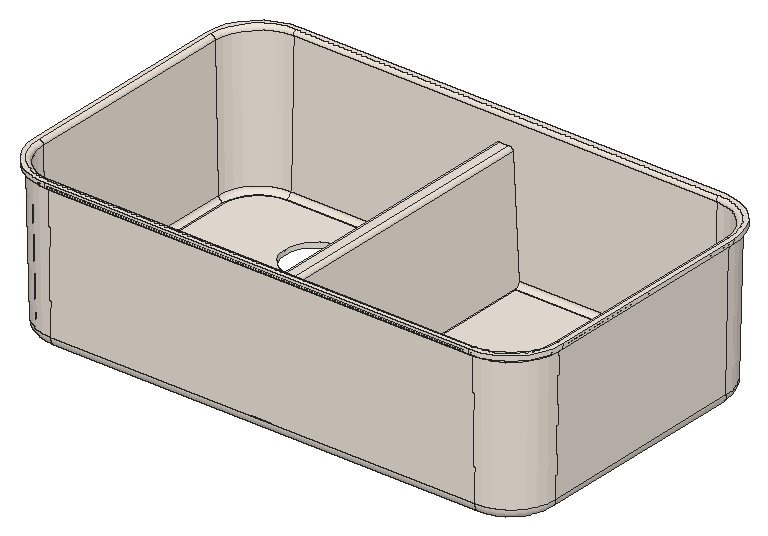
Revit family "Sink-Corian-Smooth-850", category Plumbing Fixtures, host Face, Revit 2014
Parameters (values of type "850")
  Width = 2' - 6 7/8"
  WFU = 0
  Version = "2014 - v1.0a"  # constant formula
  URL = "http://www.dupont.com/products-and-services/construction-materials/surface-design-materials.html"
  Sink Colors Available = "Bisque, Bone, Cameo White, Designer White, Glacier White, Vanilla"
  Product Page URL = "http://www.dupont.com/products-and-services/construction-materials/surface-design-materials/brands/corian-solid-surfaces/products/corian-sinks.html"
  Model = "850"
  Manufacturer = "DuPont"  # constant formula
  Length = 1' - 6 5/8"
  Interior Width = 2' - 4 7/8"
  Interior Length = 1' - 4 5/8"
  HWFU = 0
  Finish = Solid Surface Sink - DuPont - Bisque
  Description = "Kitchen Sink North American Specification"  # constant formula
  Depth = 0' - 8 7/8"
  Default Elevation = 4' - 0"
  Cost = 0
  CWFU = 0
Reference planes (in)
  plane 1 "Center (Front/Back)": y = 0
  plane 2: z = 0
  plane 3 "Center (Left/Right)": x = 0
  plane 4: y = 9.3125
  plane 5: y = -9.3125
  plane 6: x = -15.4375
  plane 7: x = 15.4375
  plane 8: z = -9.34744
  plane 9: x = -14.4375
  plane 10: x = 14.4375
  plane 11: y = 8.3125
  plane 12: y = -8.3125
  plane 13 "NAME": z = -0.47244
  plane 14: z = -3.97244
  plane 15: y = -8.78453
  plane 16: x = -1
  plane 17: x = 1
  plane 18: y = 4.65625
  plane 19: x = -7.71875
  plane 20: x = 7.71875
  plane 21: y = 4.65625
Forms (in)
  Extrusion 1, void
    sketch origin (0, 0, 0) x (1, 0, 0) y (0, 1, 0)
      loop
        arc (-12.375, 9.3125) -> (-14.54051, 8.41551) -> (-15.4375, 6.25) r 3.0625
        line (-15.4375, 6.25) -> (-15.4375, -6.19305)
        arc (-15.4375, -6.19305) -> (-14.52383, -8.39883) -> (-12.31805, -9.3125) r 3.11945
        line (-12.31805, -9.3125) -> (12.375, -9.3125)
        arc (12.375, -9.3125) -> (14.54051, -8.41551) -> (15.4375, -6.25) r 3.0625
        line (15.4375, -6.25) -> (15.4375, 6.21978)
        arc (15.4375, 6.21978) -> (14.53166, 8.40666) -> (12.34478, 9.3125) r 3.09272
        line (12.34478, 9.3125) -> (-12.375, 9.3125)
    from -9.34744 to 0
  Sweep 2, solid, material "Solid Surface Sink - DuPont - Bisque" <- "Finish"
    path origin (-12.67972, -180, -0.47244) x (-1, 0, 0) y (0, -1, 0)
      loop
        arc (-0.30472, -188.3125) -> (1.15369, -187.70841) -> (1.75778, -186.25) r 2.0625
        line (1.75778, -186.25) -> (1.75778, -173.6875)
        arc (1.75778, -173.6875) -> (1.172, -172.27329) -> (-0.24222, -171.6875) r 2
        line (-0.24222, -171.6875) -> (-25.05472, -171.6875)
        arc (-25.05472, -171.6875) -> (-26.51312, -172.29159) -> (-27.11722, -173.75) r 2.0625
        line (-27.11722, -173.75) -> (-27.11722, -186.25)
        arc (-27.11722, -186.25) -> (-26.51312, -187.70841) -> (-25.05472, -188.3125) r 2.0625
        line (-25.05472, -188.3125) -> (-0.30472, -188.3125)
    profile origin (0, 8.3125, -0.47244) x (0, 1, 0) y (0, 0, 1)
      loop
        arc (0.74057, 0) -> (0.56722, -0.06986) -> (0.49075, -0.24039) r 0.25
        line (0.49075, -0.24039) -> (0.309, -8.2946)
        arc (0.309, -8.2946) -> (0.2185, -8.5131) -> (0, -8.6036) r 0.309
        line (0, -8.6036) -> (0, -8.875)
        arc (0, -8.875) -> (0.39451, -8.7105) -> (0.55529, -8.31446) r 0.55532
        line (0.55529, -8.31446) -> (0.73193, -0.46976)
        arc (0.73193, -0.46976) -> (0.80184, -0.31386) -> (0.96031, -0.25) r 0.22855
        line (0.96031, -0.25) -> (1, -0.25) -> (1, 0) -> (0.74057, 0)
  Extrusion 3, solid, material "Solid Surface Sink - DuPont - Bisque" <- "Finish"
    sketch origin (-12.67972, -180, -0.47244) x (-1, 0, 0) y (0, -1, 0)
      loop
        arc (1.75778, -173.6875) -> (1.172, -172.27329) -> (-0.24222, -171.6875) r 2
        line (-0.24222, -171.6875) -> (-25.05472, -171.6875)
        arc (-25.05472, -171.6875) -> (-26.51312, -172.29159) -> (-27.11722, -173.75) r 2.0625
        line (-27.11722, -173.75) -> (-27.11722, -186.25)
        arc (-27.11722, -186.25) -> (-26.51312, -187.70841) -> (-25.05472, -188.3125) r 2.0625
        line (-25.05472, -188.3125) -> (-0.30472, -188.3125)
        arc (-0.30472, -188.3125) -> (1.15369, -187.70841) -> (1.75778, -186.25) r 2.0625
        line (1.75778, -186.25) -> (1.75778, -173.6875)
    from -8.875 to -8.6036
  Extrusion 4, solid, material "Solid Surface Sink - DuPont - Bisque" <- "Finish", detail levels medium+fine
    sketch origin (0, 0, 0) x (0, 1, 0) y (0, 0, 1)
      loop
        arc (8.3125, -9.07605) -> (8.53639, -8.98022) -> (8.62162, -8.75208) r 0.30946
        line (8.62162, -8.75208) -> (8.7732, -2) -> (-8.77888, -2) -> (-8.71515, -8.75208)
        arc (-8.71515, -8.75208) -> (-8.5709, -8.985) -> (-8.3125, -9.07605) r 0.41221
        line (-8.3125, -9.07605) -> (8.3125, -9.07605)
    from -1 to 1
  Extrusion 5, void, detail levels medium+fine
    sketch origin (0, 0, 0) x (1, 0, 0) y (0, 0, 1)
      loop
        arc (0.24234, -2) -> (0.41121, -2.06566) -> (0.49138, -2.22816) r 0.25
        line (0.49138, -2.22816) -> (0.96887, -9.04753)
        arc (0.96887, -9.04753) -> (0.97889, -9.06784) -> (1, -9.07605) r 0.03125
        line (1, -9.07605) -> (1.25, -9.07605) -> (1.25, -1.70105) -> (-1.25, -1.70105) -> (-1.25, -9.07605) -> (-1, -9.07605)
        arc (-1, -9.07605) -> (-0.97889, -9.06784) -> (-0.96887, -9.04753) r 0.03125
        line (-0.96887, -9.04753) -> (-0.49138, -2.22816)
        arc (-0.49138, -2.22816) -> (-0.41121, -2.06566) -> (-0.24234, -2) r 0.25
        line (-0.24234, -2) -> (0.24234, -2)
    from -9.3125 to 9.3125
  Extrusion 6, void, detail levels fine
    sketch origin (-12.67972, -180, -0.47244) x (0, -1, 0) y (-1, 0, 0)
      loop
        circle (-184.65625, -4.96097) r 1.8125
    from 7.22857 to 8.875
  Extrusion 7, void, detail levels fine
    sketch origin (-12.67972, -180, -0.47244) x (0, -1, 0) y (-1, 0, 0)
      loop
        circle (-184.65625, -20.39847) r 1.8125
    from 7.22857 to 8.875
Cuts and joins
  Extrusion 5, Extrusion 6, Extrusion 7 cuts Extrusion 3
  Extrusion 5 cuts Extrusion 4
Lines and regions (in)
  Masking region 1
    outline origin (-12.67972, -180, -0.47244) x (-1, 0, 0) y (0, -1, 0)
      loop
        line (2.75778, -186.25) -> (2.75778, -173.6875)
        arc (2.75778, -173.6875) -> (1.8791, -171.56618) -> (-0.24222, -170.6875) r 3
        line (-0.24222, -170.6875) -> (-25.05472, -170.6875)
        arc (-25.05472, -170.6875) -> (-27.22023, -171.58449) -> (-28.11722, -173.75) r 3.0625
        line (-28.11722, -173.75) -> (-28.11722, -186.25)
        arc (-28.11722, -186.25) -> (-27.22023, -188.41551) -> (-25.05472, -189.3125) r 3.0625
        line (-25.05472, -189.3125) -> (-0.30472, -189.3125)
        arc (-0.30472, -189.3125) -> (1.8608, -188.41551) -> (2.75778, -186.25) r 3.0625
      loop
        line (2.48972, -186.25) -> (2.48972, -173.6875)
        arc (2.48972, -173.6875) -> (1.68955, -171.75573) -> (-0.24222, -170.95557) r 2.73193
        line (-0.24222, -170.95557) -> (-25.05472, -170.95557)
        arc (-25.05472, -170.95557) -> (-27.03068, -171.77404) -> (-27.84915, -173.75) r 2.79443
        line (-27.84915, -173.75) -> (-27.84915, -186.25)
        arc (-27.84915, -186.25) -> (-27.03068, -188.22596) -> (-25.05472, -189.04443) r 2.79443
        line (-25.05472, -189.04443) -> (-0.30472, -189.04443)
        arc (-0.30472, -189.04443) -> (1.67125, -188.22596) -> (2.48972, -186.25) r 2.79443
  Masking region 2, detail levels medium+fine
    outline origin (-12.67972, -180, -0.47244) x (-1, 0, 0) y (0, -1, 0)
      loop
        circle (-4.96097, -184.65625) r 1.8125
      loop
        circle (-20.39847, -184.65625) r 1.8125
  Masking region 3, detail levels medium+fine
    outline origin (-12.67972, -180, -0.47244) x (-1, 0, 0) y (0, -1, 0)
      loop
        arc (-12.49222, -171.03796) -> (-12.47482, -170.98625) -> (-12.42972, -170.95557) r 0.08556
        line (-12.42972, -170.95557) -> (-12.92972, -170.95557)
        arc (-12.92972, -170.95557) -> (-12.88351, -171.02156) -> (-12.86722, -171.10046) r 0.19921
        line (-12.86722, -171.10046) -> (-12.86722, -188.89954)
        arc (-12.86722, -188.89954) -> (-12.88351, -188.97844) -> (-12.92972, -189.04443) r 0.19921
        line (-12.92972, -189.04443) -> (-12.42972, -189.04443)
        arc (-12.42972, -189.04443) -> (-12.47592, -188.97844) -> (-12.49222, -188.89954) r 0.19921
        line (-12.49222, -188.89954) -> (-12.49222, -171.03796)
Dimensions and locks (in)
  equal spacing: plane 4, plane 1 "Center (Front/Back)", plane 5
  equal spacing: plane 6, plane 3 "Center (Left/Right)", plane 7
  "Length": plane 4 to plane 5
  "Width": plane 6 to plane 7
  equal spacing: plane 9, plane 3 "Center (Left/Right)", plane 10
  equal spacing: plane 11, plane 1 "Center (Front/Back)", plane 12
  "Interior Width": plane 9 to plane 10
  "Interior Length": plane 11 to plane 12
  locked: plane 2 to plane 13 "NAME" at 0.47244
  "Depth": plane 13 "NAME" to plane 8
  locked: Sweep 2 sketch curve to plane 7 at 1
  locked: plane 6 to Sweep 2 sketch curve at 1
  locked: plane 4 to Sweep 2 sketch curve at 1
  locked: Sweep 2 sketch curve to plane 5 at 1
  locked: plane 2 to Extrusion 4 sketch curve at 2
  equal spacing: plane 16, plane 3 "Center (Left/Right)", plane 17
  locked: plane 16 to plane 17 at 2
  equal spacing: plane 6, plane 19, plane 3 "Center (Left/Right)"
  equal spacing: plane 1 "Center (Front/Back)", plane 18, plane 4
  equal spacing: plane 3 "Center (Left/Right)", plane 20, plane 7
  equal spacing: plane 1 "Center (Front/Back)", plane 21, plane 4
  locked: Masking region 3 sketch curve to Masking region 3 sketch curve at 0.375
  locked: plane 4 to Extrusion 4 sketch curve at 0.5393
  locked: Extrusion 4 sketch curve to plane 5 at 0.53362
  locked: cut or joined group of Extrusion 3, Extrusion 5, Extrusion 6, Extrusion 7 to plane 8 at 0.2714
  locked: plane 4 to Sweep 2 sketch curve (angle 1.28992°)
  locked: profile plane to Sweep 2 sketch curve (angle 1.2927°)
  locked: plane 4 to Extrusion 4 sketch curve (angle 1.28602°)
  locked: plane 4 to cut or joined group of Extrusion 4, Extrusion 5 (angle 1.28602°)
  angle cut or joined group of Extrusion 4, Extrusion 5 to plane 5 = 0.540734°
  aligned and locked: plane 2 to host face
  aligned and locked: level to host face
  aligned and locked: Extrusion 1 to plane 8
  aligned and locked: level to Extrusion 1
  aligned and locked: Extrusion 1 sketch curve to plane 4
  aligned and locked: plane 6 to Extrusion 1 sketch curve
  aligned and locked: plane 5 to Extrusion 1 sketch curve
  aligned and locked: Extrusion 1 sketch curve to plane 7
  aligned and locked: plane 13 "NAME" to Sweep 2 sketch curve  (x2)
  aligned and locked: Sweep 2 sketch curve to plane 11
  aligned and locked: plane 4 to Sweep 2 sketch curve
  aligned and locked: plane 8 to Sweep 2 sketch curve
  aligned and locked: Extrusion 3 sketch curve to Sweep 2  (x4)
  aligned and locked: Extrusion 3 to plane 8
  aligned and locked: Extrusion 4 sketch curve to Extrusion 3
  aligned and locked: plane 11 to Extrusion 4 sketch curve
  aligned and locked: plane 12 to Extrusion 4 sketch curve
  aligned and locked: Extrusion 4 to plane 16
  aligned and locked: plane 17 to Extrusion 4
  aligned and locked: Extrusion 4 to Extrusion 5 sketch curve
  aligned and locked: plane 17 to Extrusion 5 sketch curve
  aligned and locked: plane 16 to Extrusion 5 sketch curve
  aligned and locked: plane 4 to Extrusion 5
  aligned and locked: Extrusion 5 to plane 5
  aligned and locked: plane 18 to Extrusion 6 sketch curve
  aligned and locked: plane 19 to Extrusion 6 sketch curve
  aligned and locked: Extrusion 6 to plane 8
  aligned and locked: plane 21 to Extrusion 7 sketch curve
  aligned and locked: plane 20 to Extrusion 7 sketch curve
  aligned and locked: Extrusion 7 to plane 8
  aligned and locked: Masking region 1 sketch curve to Sweep 2  (x8)
  aligned and locked: Masking region 2 sketch curve to cut or joined group of Extrusion 3, Extrusion 5, Extrusion 6, Extrusion 7  (x4)
  aligned and locked: Masking region 3 sketch curve to Masking region 1
  aligned and locked: Masking region 1 to Masking region 3 sketch curve
Automatic sketch dimensions
  host sketch curve to host sketch curve = 8' - 0"  (x2)
  Sweep 2 sketch curve to plane 13 "NAME" = 0' - 0.24039"
  Sweep 2 sketch curve to Sweep 2 sketch curve = 0' - 0.24629"
  Sweep 2 sketch curve to Sweep 2 sketch curve = 0' - 0.24118"
  Sweep 2 sketch curve to Sweep 2 sketch curve = 0' - 0.00864"
  Sweep 2 sketch curve to Sweep 2 sketch curve = 0' - 0.22838"
  Sweep 2 sketch curve to Sweep 2 sketch curve = 0' - 0.03969"
  Sweep 2 sketch curve to Sweep 2 sketch curve = 0' - 0 1/4"
  Sweep 2 sketch curve to Sweep 2 sketch curve = 0' - 0.21976"
  Sweep 2 sketch curve to Sweep 2 sketch curve = 0' - 0.02509"
  Sweep 2 sketch curve to plane 10 = 0' - 2 1/16"  (x2)
  Sweep 2 sketch curve to Sweep 2 sketch curve = 0' - 2"
  plane 9 to Sweep 2 sketch curve = 0' - 2 1/16"
  plane 15 to Extrusion 4 sketch curve = 0' - 0.06938"
  Extrusion 4 sketch curve to Extrusion 4 sketch curve = 0' - 0.32396"  (x2)
  Extrusion 5 sketch curve to plane 16 = 0' - 0 1/4"
  plane 16 to Extrusion 5 sketch curve = 0' - 0.03113"
  plane 16 to Extrusion 5 sketch curve = 0' - 0.50862"
  Extrusion 5 sketch curve to plane 3 "Center (Left/Right)" = 0' - 0.24234"
  plane 3 "Center (Left/Right)" to Extrusion 5 sketch curve = 0' - 0.24234"
  Extrusion 5 sketch curve to Extrusion 5 sketch curve = 0' - 0.24904"
  Extrusion 5 sketch curve to plane 17 = 0' - 0.03113"
  Extrusion 5 sketch curve to Extrusion 5 sketch curve = 0' - 0 1/4"
  Extrusion 5 sketch curve to Extrusion 5 sketch curve = 0' - 0.22816"  (x2)
  plane 8 to Extrusion 5 sketch curve = 0' - 0.30265"  (x2)
  Extrusion 5 sketch curve to Extrusion 5 sketch curve = 0' - 0.00273"  (x2)
  Extrusion 5 sketch curve to Extrusion 5 sketch curve = 0' - 0.52711"
  Masking region 3 sketch curve to Masking region 3 sketch curve = 0' - 0 35/256"  (x2)
  Masking region 3 sketch curve to Masking region 3 sketch curve = 0' - 0 1/16"  (x4)
  Masking region 3 sketch curve to plane 3 "Center (Left/Right)" = 0' - 0 3/16"
  Masking region 3 sketch curve to plane 15 = 0' - 0.1775"
  Masking region 3 sketch curve to Masking region 3 sketch curve = 0' - 0.14489"
  plane 9 to Extrusion 1 sketch curve = 0' - 2 1/16"
  plane 9 to Extrusion 1 sketch curve = 0' - 2.11945"
  Extrusion 1 sketch curve to plane 10 = 0' - 2.09272"
  Extrusion 1 sketch curve to plane 10 = 0' - 2 1/16"
  radius of Extrusion 6 sketch curve = 0' - 1 13/16"
  radius of Extrusion 7 sketch curve = 0' - 1 13/16"
Connectors (in)
  piping at (7.71875, 4.65625, -9.34744), diameter 3.5
    settings: on cut or joined group of Extrusion 3, Extrusion 5, Extrusion 6, Extrusion 7, index 1, connector inside diameter 24", connector length 0' - 0", flow factor 0, pipe flow 0 GPM, pressure drop 0.00 psi, fitting loss kfactor 0, connector angle 0.00°, fixture units 0, engagement length 0' - 0", angle of deflection 0.00°, flow configuration 0, flow direction 2, fitting loss method 0, system type 16, joint type 0, gender type 0, connector reference index -1, connector utility 0, adjustable connector no, is connector primary yes, connector description "Drain 1"
  piping at (-7.71875, 4.65625, -9.34744), diameter 3.5
    settings: on cut or joined group of Extrusion 3, Extrusion 5, Extrusion 6, Extrusion 7, index 2, connector inside diameter 24", connector length 0' - 0", flow factor 0, pipe flow 0 GPM, pressure drop 0.00 psi, fitting loss kfactor 0, connector angle 0.00°, fixture units 0, engagement length 0' - 0", angle of deflection 0.00°, flow configuration 0, flow direction 2, fitting loss method 0, system type 16, joint type 0, gender type 0, connector reference index -1, connector utility 0, adjustable connector no, is connector primary no, connector description "Drain"
